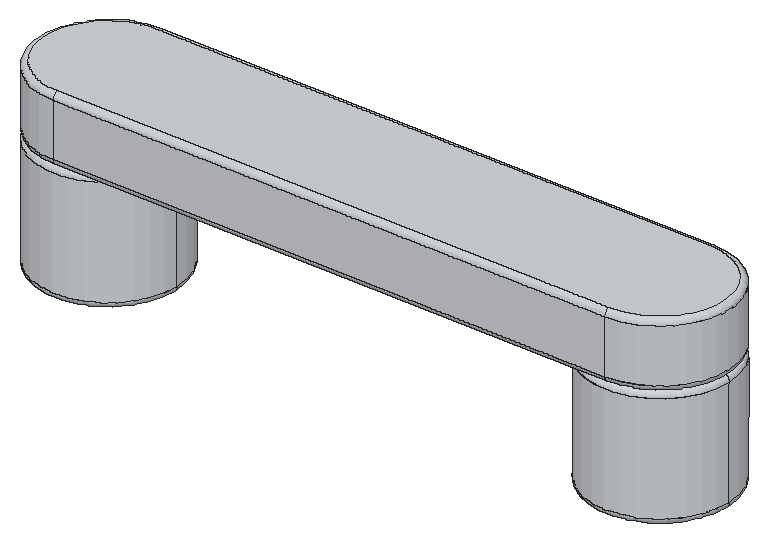
Revit family "Accessory-Cabinet_Knob-KOHLER-Composed-K-73152", category Specialty Equipment, host Face, Revit 2015
Parameters (values of type "CP-Polished Chrome")
  Width = 1"  # constant formula
  URL = "https://www.us.kohler.com/us/"
  Type = 1
  Product Page URL = "http://www.us.kohler.com/us/catalog/productDetails.jsp?productNumber=73152"
  Product Name = "Composed"  # constant formula
  Product Documentation Link = "http://www.us.kohler.com/onlinecatalog/pdf/K-73152_spec.pdf"
  Model = if(Type = 1, "K-73152-CP", if(Type = 2, "K-73152-TT", "NA"))  # "K-73152-CP"
  Material = "Premium Metal Construction"  # constant formula
  MasterFormat 2004 = "10.28.13"  # constant formula
  MasterFormat 1995 = "10820"  # constant formula
  Manufacturer Address = "444 Highland Dr, Kohler, WI 53044"  # constant formula
  Manufacturer = "KOHLER Co."  # constant formula
  Length = 3 3/4"  # constant formula
  Height = 3/4"  # constant formula
  Finish = Kohler-Metal-CP-Polished_Chrome
  Environmental Product Declaration = ""
  Description = "Drawer pull"  # constant formula
  Default Elevation = 36"
  Declare Label = ""
  Date Modified = "09/21/2018"  # constant formula
  Date Created = "09/21/2018"  # constant formula
  Copyright = "Copyright KOHLER Co."  # constant formula
  Contact Us = "https://www.us.kohler.com/us/static/contact.jsp"
  Assembly Code = "C1030200"
  ADA Compliant = 1 = 0  # no
Types (3): name | Type | Model | Finish
  (no name) | 1 | "K-73152-CP" | Kohler-Metal-CP-Polished_Chrome
  CP-Polished Chrome | 1 | "K-73152-CP" | Kohler-Metal-CP-Polished_Chrome
  TT-Vibrant Titanium | 2 | "K-73152-TT" | Kohler-Metal-TT-Vibrant_Titanium
Reference planes (in)
  plane 1 "Center (Front/Back)": y = 0
  plane 2: z = 0.0018
  plane 3 "Center (Left/Right)": x = 0
  plane 4: x = 1.87495
  plane 5: y = -0.375
  plane 6: y = 0.375
  plane 7: x = -1.87505
  plane 8: z = 1.0018
Dimensions and locks (in)
  "Height": plane 6 to plane 5
  "Length": plane 7 to plane 4
  "Width": plane 8 to plane 2
  aligned and locked: plane 2 to host face
Automatic sketch dimensions
  host sketch curve to host sketch curve = 96"  (x2)
Nested families (in)
  nested 1: "K-73152" at (0, 0, 0.0018), type "K-73152"
Definition of nested family "K-73152"
  Parameters (values of type "K-73152")
    Cabinet Knob Material = none
  Reference planes (in)
    plane 1 "Center (Front/Back)": y = 0
    plane 2: z = 0
    plane 3 "Center (Left/Right)": x = 0
    plane 4: y = 0.375
    plane 5: x = 1.875
    plane 6: x = -1.875
    plane 7: y = -0.375
  Forms (in)
    Revolve 1, solid, material <- "Cabinet Knob Material", detail levels medium+fine
      sketch origin (0, 0, 0) x (1, 0, 0) y (0, 0, 1)
        loop
          line (-1.5, 0.64961) -> (-1.84231, 0.64961)
          arc (-1.84231, 0.64961) -> (-1.86473, 0.64032) -> (-1.87402, 0.6179) r 0.03171
          line (-1.87402, 0.6179) -> (-1.87402, 0.03196)
          arc (-1.87402, 0.03196) -> (-1.86466, 0.00936) -> (-1.84206, 0) r 0.03196
          line (-1.84206, 0) -> (-1.5, 0) -> (-1.5, 0.64961)
        axis (-1.5, 0.64961) -> (-1.5, 0)
      angle from 0 to 360
    Revolve 2, solid, material <- "Cabinet Knob Material", detail levels medium+fine
      sketch origin (0, 0, 0) x (-1, 0, 0) y (0, 0, 1)
        loop
          line (-1.5, 0.64961) -> (-1.84231, 0.64961)
          arc (-1.84231, 0.64961) -> (-1.86473, 0.64032) -> (-1.87402, 0.6179) r 0.03171
          line (-1.87402, 0.6179) -> (-1.87402, 0.03196)
          arc (-1.87402, 0.03196) -> (-1.86466, 0.00936) -> (-1.84206, 0) r 0.03196
          line (-1.84206, 0) -> (-1.5, 0) -> (-1.5, 0.64961)
        axis (-1.5, 0.64961) -> (-1.5, 0)
      angle from 0 to 360
    Sweep 3, solid, material <- "Cabinet Knob Material", detail levels medium+fine
      path origin (0, 0, 0) x (1, 0, 0) y (0, 1, 0)
        loop
          line (1.49962, 0.37402) -> (-1.49985, 0.37402)
          arc (-1.49985, 0.37402) -> (-1.87387, 0) -> (-1.49985, -0.37402) r 0.37402
          line (-1.49985, -0.37402) -> (1.49962, -0.37402)
          arc (1.49962, -0.37402) -> (1.87364, 0) -> (1.49962, 0.37402) r 0.37402
      profile origin (-0.00012, 0.37402, 0) x (0, -1, 0) y (0, 0, 1)
        loop
          line (0, 0.97065) -> (0, 0.68007)
          arc (0, 0.68007) -> (0.00892, 0.65853) -> (0.03046, 0.64961) r 0.03046
          line (0.03046, 0.64961) -> (0.08225, 0.64961) -> (0.08225, 1.00179) -> (0.03114, 1.00179)
          arc (0.03114, 1.00179) -> (0.00912, 0.99267) -> (0, 0.97065) r 0.03114
    Extrusion 4, solid, material <- "Cabinet Knob Material", detail levels medium+fine
      sketch origin (0, 0, 0) x (1, 0, 0) y (0, 1, 0)
        loop
          line (1.49962, 0.30348) -> (-1.49985, 0.30348)
          arc (-1.49985, 0.30348) -> (-1.80333, 0) -> (-1.49985, -0.30348) r 0.30348
          line (-1.49985, -0.30348) -> (1.49962, -0.30348)
          arc (1.49962, -0.30348) -> (1.8031, 0) -> (1.49962, 0.30348) r 0.30348
      from 0.64961 to 1.00179
    Extrusion 5, solid, material <- "Cabinet Knob Material", detail levels coarse
      sketch origin (0, 0, 0) x (1, 0, 0) y (0, 1, 0)
        loop
          circle (-1.5, 0) r 0.37782
        loop
          circle (1.5, 0) r 0.37782
      from 0 to 0.63913
    Extrusion 6, solid, material <- "Cabinet Knob Material", detail levels coarse
      sketch origin (0, 0, 0) x (1, 0, 0) y (0, 1, 0)
        loop
          line (-1.875, 0.375) -> (-1.875, -0.375) -> (1.875, -0.375) -> (1.875, 0.375) -> (-1.875, 0.375)
      from 0.64769 to 1.00142
  Cuts and joins
    joined: Sweep 3, Extrusion 4
    joined: Revolve 1, Revolve 2
    joined: Extrusion 5, Extrusion 6
  Lines and regions (in)
    Masking region 1
      outline origin (0, 0, 0) x (1, 0, 0) y (0, 1, 0)
        loop
          arc (-1.5, 0.375) -> (-1.875, 0) -> (-1.5, -0.375) r 0.375
          line (-1.5, -0.375) -> (1.49995, -0.375)
          arc (1.49995, -0.375) -> (1.87495, 0) -> (1.49995, 0.375) r 0.375
          line (1.49995, 0.375) -> (-1.5, 0.375)
    Masking region 2
      outline origin (0, 0, 0) x (0, 1, 0) y (0, 0, 1)
        loop
          line (0.375, 0.03483) -> (0.375, 0.61552)
          arc (0.375, 0.61552) -> (0.36544, 0.63924) -> (0.34209, 0.6497) r 0.03421
          arc (0.34209, 0.6497) -> (0.36529, 0.65859) -> (0.375, 0.68143) r 0.0317
          line (0.375, 0.68143) -> (0.375, 0.96915)
          arc (0.375, 0.96915) -> (0.36544, 0.99224) -> (0.34235, 1.0018) r 0.03265
          line (0.34235, 1.0018) -> (-0.34275, 1.0018)
          arc (-0.34275, 1.0018) -> (-0.36555, 0.99235) -> (-0.375, 0.96955) r 0.03225
          line (-0.375, 0.96955) -> (-0.375, 0.6824)
          arc (-0.375, 0.6824) -> (-0.36534, 0.65921) -> (-0.34206, 0.64973) r 0.03268
          arc (-0.34206, 0.64973) -> (-0.36537, 0.63991) -> (-0.375, 0.61653) r 0.0332
          line (-0.375, 0.61653) -> (-0.375, 0.03391)
          arc (-0.375, 0.03391) -> (-0.36507, 0.00993) -> (-0.34109, 0) r 0.03391
          line (-0.34109, 0) -> (0.34017, 0)
          arc (0.34017, 0) -> (0.3648, 0.0102) -> (0.375, 0.03483) r 0.03483
    Masking region 3
      outline origin (0, 0, 0) x (1, 0, 0) y (0, 0, 1)
        loop
          line (-1.8411, 0) -> (-1.15751, 0)
          arc (-1.15751, 0) -> (-1.13522, 0.00923) -> (-1.12598, 0.03153) r 0.03153
          line (-1.12598, 0.03153) -> (-1.12598, 0.61756)
          arc (-1.12598, 0.61756) -> (-1.13537, 0.64022) -> (-1.15803, 0.64961) r 0.03205
          line (-1.15803, 0.64961) -> (1.15845, 0.64961)
          arc (1.15845, 0.64961) -> (1.13549, 0.6401) -> (1.12598, 0.61714) r 0.03247
          line (1.12598, 0.61714) -> (1.12598, 0.0319)
          arc (1.12598, 0.0319) -> (1.13533, 0.00934) -> (1.15788, 0) r 0.0319
          line (1.15788, 0) -> (1.84131, 0)
          arc (1.84131, 0) -> (1.86513, 0.00987) -> (1.875, 0.03369) r 0.03369
          line (1.875, 0.03369) -> (1.875, 0.61497)
          arc (1.875, 0.61497) -> (1.86485, 0.63946) -> (1.84036, 0.64961) r 0.03464
          arc (1.84036, 0.64961) -> (1.86509, 0.65951) -> (1.875, 0.68344) r 0.03383
          line (1.875, 0.68344) -> (1.875, 0.96703)
          arc (1.875, 0.96703) -> (1.86482, 0.99161) -> (1.84024, 1.00179) r 0.03476
          line (1.84024, 1.00179) -> (-1.8415, 1.00179)
          arc (-1.8415, 1.00179) -> (-1.86519, 0.99198) -> (-1.875, 0.9683) r 0.0335
          line (-1.875, 0.9683) -> (-1.875, 0.68216)
          arc (-1.875, 0.68216) -> (-1.86547, 0.65914) -> (-1.84245, 0.64961) r 0.03255
          arc (-1.84245, 0.64961) -> (-1.86538, 0.63998) -> (-1.875, 0.61676) r 0.03285
          line (-1.875, 0.61676) -> (-1.875, 0.0339)
          arc (-1.875, 0.0339) -> (-1.86507, 0.00993) -> (-1.8411, 0) r 0.0339
    symbolic lines, detail levels medium+fine
      curve 1: line (0, 0.34209, 0.6497) -> (0, -0.34206, 0.64973)
      curve 2: line (-1.84245, 0, 0.64961) -> (-1.15803, 0, 0.64961)
      curve 3: line (1.15845, 0, 0.64961) -> (1.84117, 0, 0.64961)
  Dimensions and locks (in)
    plane 6 to plane 5 = 3 3/4"
    plane 4 to plane 7 = 3/4"
    aligned and locked: plane 2 to level
